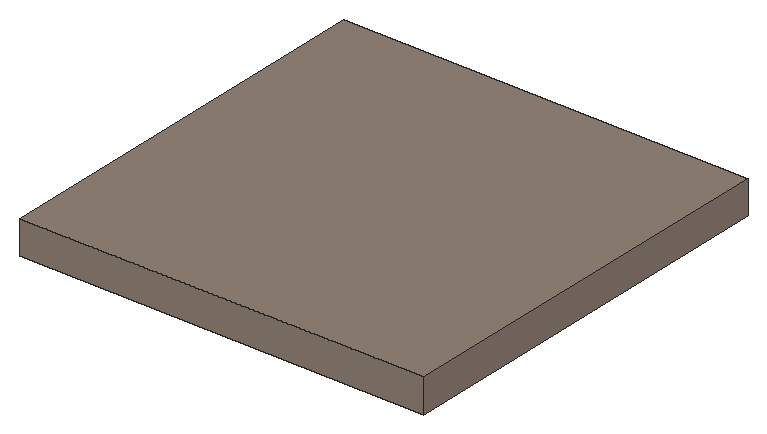
Revit family "Cambio Wall Systems - Decorative - Wood 18x18", category Generic Models, host Face, Revit 2023
Family settings
  Host = Face
  Can host rebar = No
  Round Connector Dimension = Use Diameter
  Part Type = Normal
  Cut with Voids When Loaded = No
  Maintain Annotation Orientation = No
  Shared = No
  Room Calculation Point = No
Parameters (values of type "Wood Veneer - WALNUT")
  Default Elevation = 4' - 0"
  Cambio Material = Cambio Wood Veneer - Walnut
Types (6): name | Cambio Material
  Wood Veneer - MAPLE | Cambio Wood Veneer - Maple
  Wood Veneer - OAK | Cambio Wood Veneer - Oak
  Wood Veneer - WALNUT | Cambio Wood Veneer - Walnut
  Wood Slatted - D3 | Cambio Wood Slatted - D3
  Wood Slatted - OAK | Cambio Wood Slatted - Oak
  Wood Slatted - WALNUT | Cambio Wood Slatted - Walnut
Reference planes (in)
  plane 1 "Center (Front/Back)": y = 0
  plane 2: z = 0
  plane 3 "Center (Left/Right)": x = 0
  plane 4: z = 0.75
Forms (in)
  Extrusion 1, solid, material "Cambio Wood Veneer - Walnut" <- "Cambio Material"
    sketch origin (0, 0, 1.5) x (0, -1, 0) y (1, 0, 0)
      loop
        line (-9, -9) -> (9, -9) -> (9, 9) -> (-9, 9) -> (-9, -9)
    from -1.5 to 0
Dimensions and locks (in)
  Extrusion 1 sketch curve to Extrusion 1 sketch curve = 1' - 6"  (x2)
  aligned and locked: plane 2 to host face
  aligned and locked: level to host face
